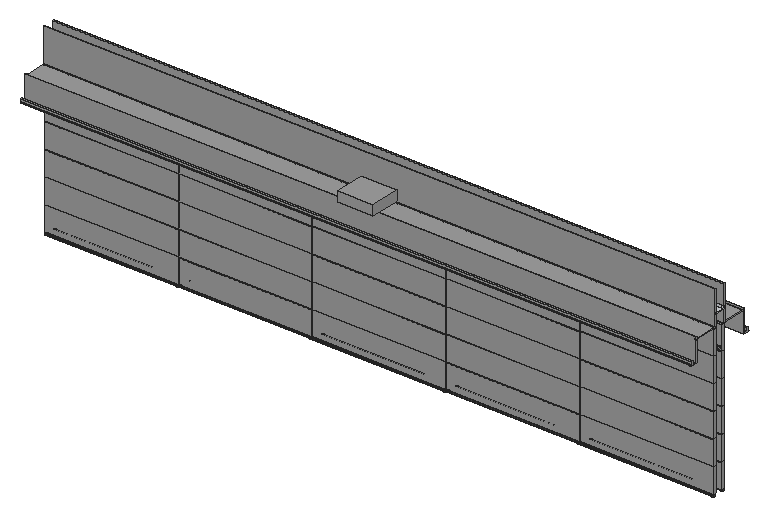
Revit family (continued)
Definition of nested family "2D Unfold Panels"
  Parameters (values of type "Unfold panels")
    Wall thickness = 0' - 11 3/4"
    Distance_Between_Panels = 2' - 0"
    Assembly Code = ""
  Reference planes (in)
    plane 1: z = 0
    plane 2 "Center (Left/Right)": x = -0.10225
    plane 3: y = 92
    plane 4: y = 68
    plane 5: y = 44
    plane 6: y = 20
    plane 7: y = -4
    plane 8: y = -28
    plane 9: y = -52
    plane 10: y = -51.57812
    plane 11: y = 90.875
    plane 12: x = -5.97725
    plane 13: x = 5.77275
  Lines and regions (in)
    detail lines, in view "Ref. Level"
      curve 1: line (-5.97725, 87.75359, 0) -> (-5.97725, 71.81444, 0)
      curve 2: line (-3.72714, 87.75359, 0) -> (-3.72714, 71.81444, 0)
      curve 3: line (-5.97725, -31.03511, 0) -> (-5.97725, -47.75359, 0)
      curve 4: line (-3.72714, -31.03511, 0) -> (-3.72714, -47.75359, 0)
      curve 5: line (-5.97725, 64.99919, 0) -> (-5.97725, 48.08246, 0)
      curve 6: line (-3.72714, 64.99919, 0) -> (-3.72714, 48.08246, 0)
      curve 7: line (-5.97725, 41.26216, 0) -> (-5.97725, 24.20598, 0)
      curve 8: line (-3.72714, 41.26216, 0) -> (-3.72714, 24.20598, 0)
      curve 9: line (-5.97725, 16.99919, 0) -> (-5.97725, 0.08246, 0)
      curve 10: line (-3.72714, 16.99919, 0) -> (-3.72714, 0.08246, 0)
      curve 11: line (-5.97725, -6.73784, 0) -> (-5.97725, -23.79402, 0)
      curve 12: line (-3.72714, -6.73784, 0) -> (-3.72714, -23.79402, 0)
      curve 13: line (5.77275, 87.75359, 0) -> (5.77275, 71.81444, 0)
      curve 14: line (3.52264, 87.75359, 0) -> (3.52264, 71.81444, 0)
      curve 15: line (5.77275, 64.99919, 0) -> (5.77275, 48.08246, 0)
      curve 16: line (3.52264, 64.99919, 0) -> (3.52264, 48.08246, 0)
      curve 17: line (5.77275, 41.26216, 0) -> (5.77275, 24.20598, 0)
      curve 18: line (3.52264, 41.26216, 0) -> (3.52264, 24.20598, 0)
      curve 19: line (5.77275, 16.99919, 0) -> (5.77275, 0.08246, 0)
      curve 20: line (3.52264, 16.99919, 0) -> (3.52264, 0.08246, 0)
      curve 21: line (5.77275, -6.73784, 0) -> (5.77275, -23.79402, 0)
      curve 22: line (3.52264, -6.73784, 0) -> (3.52264, -23.79402, 0)
      curve 23: line (5.77275, -31.03511, 0) -> (5.77275, -47.75359, 0)
      curve 24: line (3.52264, -31.03511, 0) -> (3.52264, -47.75359, 0)
  Dimensions and locks (in)
    "Distance_Between_Panels": plane 4 to plane 3
    locked: plane 10 to plane 9 at 0.42188
    equal spacing: plane 9, plane 8, plane 7, plane 6, plane 5, plane 4, plane 3
    locked: plane 3 to plane 11 at 1.125
    equal spacing: plane 12, plane 2 "Center (Left/Right)", plane 13
    "Wall thickness": plane 12 to plane 13
    aligned and locked: plane 2 "Center (Left/Right)" to nested 1
    aligned and locked: plane 2 "Center (Left/Right)" to nested 2
    aligned and locked: plane 2 "Center (Left/Right)" to nested 3
    aligned and locked: plane 2 "Center (Left/Right)" to nested 4
    aligned and locked: plane 2 "Center (Left/Right)" to nested 5
    aligned: plane 3 to nested 5
    aligned: plane 5 to nested 4
    aligned: plane 6 to nested 3
    aligned: plane 9 to nested 2
    aligned: nested 2 to plane 9
    aligned: plane 8 to nested 6
    aligned: plane 7 to nested 7
    aligned: nested 3 to plane 6
    aligned: nested 4 to plane 5
    aligned: plane 9 to nested 1
    aligned and locked: nested 2 to plane 8
    aligned and locked: nested 6 to plane 7
    aligned and locked: nested 7 to plane 6
    aligned and locked: nested 3 to plane 5
    aligned and locked: nested 4 to plane 4
    aligned and locked: nested 1 to plane 10
    aligned and locked: nested 5 to plane 11
    aligned and locked: curve 1 to plane 12
    aligned and locked: nested 5 to curve 2
    aligned and locked: plane 2 "Center (Left/Right)" to nested 7
    aligned and locked: plane 2 "Center (Left/Right)" to nested 6
  Automatic sketch dimensions
    curve 11 to plane 12 = 0' - 0"
    curve 3 to plane 12 = 0' - 0"
    curve 9 to plane 12 = 0' - 0"
    curve 5 to plane 12 = 0' - 0"
    curve 7 to plane 12 = 0' - 0"
    curve 19 to plane 13 = 0' - 0"
    curve 17 to plane 13 = 0' - 0"
    curve 21 to plane 13 = 0' - 0"
    curve 15 to plane 13 = 0' - 0"
    curve 23 to plane 13 = 0' - 0"
    curve 13 to plane 13 = 0' - 0"
    curve 5 to curve 6 = 0' - 2.25011"
    plane 12 to curve 8 = 0' - 2.25011"
    curve 3 to curve 4 = 0' - 2.25011"
    plane 12 to curve 10 = 0' - 2.25011"
    plane 12 to curve 12 = 0' - 2.25011"
    curve 24 to plane 13 = 0' - 2.25011"
    curve 14 to curve 13 = 0' - 2.25011"
    curve 22 to plane 13 = 0' - 2.25011"
    curve 16 to curve 15 = 0' - 2.25011"
    curve 20 to curve 19 = 0' - 2.25011"
    curve 18 to curve 17 = 0' - 2.25011"
    plane 10 to curve 23 = 0' - 3.82454"
    plane 10 to curve 4 = 0' - 3.82454"
    curve 3 to curve 4 = 0' - 0"  (x2)
    curve 24 to curve 23 = 0' - 0"  (x2)
    plane 8 to curve 3 = 0' - 3.03511"
    plane 8 to curve 24 = 0' - 3.03511"
    curve 11 to plane 8 = 0' - 4.20598"
    curve 21 to plane 8 = 0' - 4.20598"
    curve 22 to curve 21 = 0' - 0"  (x2)
    curve 11 to curve 12 = 0' - 0"  (x2)
    plane 7 to curve 12 = 0' - 2.73784"
    plane 7 to curve 22 = 0' - 2.73784"
    curve 9 to plane 7 = 0' - 4.08246"
    curve 19 to plane 7 = 0' - 4.08246"
    curve 9 to curve 10 = 0' - 0"  (x2)
    curve 20 to curve 19 = 0' - 0"  (x2)
    plane 6 to curve 20 = 0' - 3.00081"
    plane 6 to curve 10 = 0' - 3.00081"
    curve 7 to plane 6 = 0' - 4.20598"
    curve 7 to curve 8 = 0' - 0"  (x2)
    curve 17 to plane 6 = 0' - 4.20598"
    curve 18 to curve 17 = 0' - 0"  (x2)
    plane 5 to curve 17 = 0' - 2.73784"
    plane 5 to curve 8 = 0' - 2.73784"
    curve 5 to plane 5 = 0' - 4.08246"
    curve 5 to curve 6 = 0' - 0"  (x2)
    curve 16 to plane 5 = 0' - 4.08246"
    curve 16 to curve 15 = 0' - 0"  (x2)
    plane 4 to curve 5 = 0' - 3.00081"
    plane 4 to curve 15 = 0' - 3.00081"
    curve 13 to plane 4 = 0' - 3.81444"
    curve 1 to plane 4 = 0' - 3.81444"
    curve 1 to curve 2 = 0' - 0"  (x2)
    curve 14 to curve 13 = 0' - 0"  (x2)
    curve 2 to plane 11 = 0' - 3.12141"
    curve 13 to plane 11 = 0' - 3.12141"
  Nested families (in)
    nested 1: "vert fin bas" at (-0.50227, -47.3033, 0), type "vert fin bas", in view "Ref. Level"
    nested 2: "vert biseau" at (-0.14948, -31.00081, 0), type "vert biseau", in view "Ref. Level"
    nested 3: "vert levres" at (-0.20153, 41.32838, 0), type "vert levres", in view "Ref. Level"
    nested 4: "vert biseau" at (-0.14948, 64.99919, 0), type "vert biseau", in view "Ref. Level"
    nested 5: "vert fin haut" at (0.33476, 86.63143, 0), type "vert fin haut", in view "Ref. Level"
    nested 6: "vert levres" at (-0.20153, -6.67162, 0), type "vert levres", in view "Ref. Level"
    nested 7: "vert biseau" at (-0.14948, 16.99919, 0), type "vert biseau", in view "Ref. Level"
  Definition of nested family "vert fin bas"
    Parameters (values of type "vert fin bas")
      Wall thickness = 0' - 11 3/4"
      Assembly Code = ""
    Reference planes (in)
      plane 1 "Center (Front/Back)": y = 0
      plane 2: z = 0
      plane 3 "Center (Left/Right)": x = 0.40002
      plane 4: x = -5.47498
      plane 5: x = 6.27502
    Lines and regions (in)
      model lines, style "DetailComponents", in view "Ref. Level"
        curve 1: arc (-5.46512, -5.84526, 0) -> (-5.03544, -6.27494, 0) -> (-4.60575, -5.84526, 0) r 0.42968
        curve 2: line (-5.47498, 0.00284, 0) -> (-5.47498, -4.27482, 0)
        curve 3: line (-5.47498, -4.27482, 0) -> (-5.22497, -4.27482, 0)
        curve 4: line (-5.22497, -4.27482, 0) -> (-5.46512, -5.84526, 0)
        curve 5: line (-4.60575, -5.84526, 0) -> (-4.85481, -4.24357, 0)
        curve 6: line (-4.85481, -4.24357, 0) -> (-4.24567, -4.24357, 0)
        curve 7: line (-4.24567, -4.24357, 0) -> (-3.22487, -3.22277, 0)
        curve 8: line (-3.22487, -3.22277, 0) -> (-3.22487, 0.00284, 0)
        curve 9: arc (0.90004, -6.01609, 0) -> (1.25205, -5.87118, 0) -> (1.40004, -5.52045, 0) r 0.50003
        curve 10: arc (1.40004, -5.52045, 0) -> (1.38599, -5.43168, 0) -> (1.33756, -5.35598, 0) r 0.21963
        curve 11: arc (-0.53754, -5.35598, 0) -> (-0.58597, -5.43168, 0) -> (-0.60002, -5.52045, 0) r 0.21963
        curve 12: arc (-0.60002, -5.52045, 0) -> (-0.45203, -5.87118, 0) -> (-0.10001, -6.01609, 0) r 0.50003
        curve 13: arc (0.15, -4.98096, 0) -> (0.23839, -4.94435, 0) -> (0.275, -4.85595, 0) r 0.12501
        curve 14: arc (0.52502, -4.85595, 0) -> (0.56163, -4.94435, 0) -> (0.65002, -4.98096, 0) r 0.12501
        curve 15: arc (-0.60004, -4.85595, 0) -> (-0.68843, -4.89257, 0) -> (-0.72505, -4.98096, 0) r 0.12501
        curve 16: arc (-0.72505, -5.51606, 0) -> (-0.54198, -5.95803, 0) -> (-0.10001, -6.14109, 0) r 0.62503
        curve 17: arc (0.90004, -6.14109, 0) -> (1.342, -5.95803, 0) -> (1.52507, -5.51606, 0) r 0.62503
        curve 18: arc (1.52507, -4.98096, 0) -> (1.48845, -4.89257, 0) -> (1.40006, -4.85595, 0) r 0.12501
        curve 19: line (-0.10001, -6.01609, 0) -> (0.90004, -6.01609, 0)
        curve 20: line (1.33756, -5.35598, 0) -> (-0.53754, -5.35598, 0)
        curve 21: line (0.65002, -4.98096, 0) -> (1.40006, -4.98096, 0)
        curve 22: line (1.40006, -4.98096, 0) -> (1.40006, -5.23097, 0)
        curve 23: line (1.40006, -5.23097, 0) -> (-0.60004, -5.23097, 0)
        curve 24: line (-0.60004, -5.23097, 0) -> (-0.60004, -4.98096, 0)
        curve 25: line (-0.60004, -4.98096, 0) -> (0.15, -4.98096, 0)
        curve 26: line (0.275, -4.85595, 0) -> (0.275, -3.23087, 0)
        curve 27: line (0.275, -3.23087, 0) -> (0.52502, -3.23087, 0)
        curve 28: line (0.52502, -3.23087, 0) -> (0.52502, -4.85595, 0)
        curve 29: line (-0.35003, -4.98096, 0) -> (-0.35003, -4.85595, 0)
        curve 30: line (-0.35003, -4.85595, 0) -> (-0.60004, -4.85595, 0)
        curve 31: line (-0.72505, -4.98096, 0) -> (-0.72505, -5.51606, 0)
        curve 32: line (-0.10001, -6.14109, 0) -> (0.90004, -6.14109, 0)
        curve 33: line (1.52507, -5.51606, 0) -> (1.52507, -4.98096, 0)
        curve 34: line (1.40006, -4.85595, 0) -> (1.15005, -4.85595, 0)
        curve 35: line (1.15005, -4.85595, 0) -> (1.15005, -4.98096, 0)
      detail lines, style "DetailComponents", in view "Ref. Level"
        curve 36: arc (6.26516, -5.84526, 0) -> (5.83548, -6.27494, 0) -> (5.4058, -5.84526, 0) r 0.42968
        curve 37: line (6.27502, 0.00284, 0) -> (6.27502, -4.27482, 0)
        curve 38: line (6.27502, -4.27482, 0) -> (6.02501, -4.27482, 0)
        curve 39: line (6.02501, -4.27482, 0) -> (6.26516, -5.84526, 0)
        curve 40: line (5.4058, -5.84526, 0) -> (5.65485, -4.24357, 0)
        curve 41: line (5.65485, -4.24357, 0) -> (5.04571, -4.24357, 0)
        curve 42: line (5.04571, -4.24357, 0) -> (4.02491, -3.22277, 0)
        curve 43: line (4.02491, -3.22277, 0) -> (4.02491, 0.00284, 0)
    Dimensions and locks (in)
      equal spacing: plane 4, plane 3 "Center (Left/Right)", plane 5
      "Wall thickness": plane 4 to plane 5
    Automatic sketch dimensions
      curve 9 to curve 17 = 0' - 0"  (x2)
      curve 12 to curve 16 = 0' - 0"  (x2)
      curve 2 to plane 4 = 0' - 0"
      curve 37 to plane 5 = 0' - 0"
      plane 4 to curve 4 = 0' - 0.00986"
      curve 2 to curve 4 = 0' - 0 1/4"
      curve 1 to curve 1 = 0' - 0 55/128"
      curve 3 to curve 5 = 0' - 0.37016"
      curve 5 to curve 6 = 0' - 0.60914"
      curve 6 to curve 8 = 0' - 1.0208"
      curve 31 to plane 3 "Center (Left/Right)" = 0' - 1.12507"
      curve 15 to curve 24 = 0' - 0 1/8"
      curve 15 to curve 24 = 0' - 0"  (x2)
      curve 31 to curve 11 = 0' - 0.12503"
      curve 23 to curve 20 = 0' - 0 1/16"
      curve 12 to curve 11 = 0' - 0.21937"
      curve 24 to curve 29 = 0' - 0 1/4"
      curve 12 to plane 3 "Center (Left/Right)" = 0' - 0.50004"
      curve 13 to plane 3 "Center (Left/Right)" = 0' - 0.25002"
      curve 26 to plane 3 "Center (Left/Right)" = 0' - 0 1/8"
      plane 3 "Center (Left/Right)" to curve 28 = 0' - 0 1/8"
      curve 14 to curve 21 = 0' - 0 1/8"
      plane 3 "Center (Left/Right)" to curve 32 = 0' - 0 1/2"
      curve 14 to curve 34 = 0' - 0.50002"
      curve 9 to curve 10 = 0' - 0.28063"
      curve 10 to curve 20 = 0' - 0.15689"
      curve 10 to curve 10 = 0' - 0 1/16"
      curve 35 to curve 21 = 0' - 0 1/4"
      curve 18 to curve 21 = 0' - 0"
      curve 9 to curve 17 = 0' - 0.12503"
      curve 43 to plane 5 = 0' - 2.25011"
      curve 42 to plane 5 = 0' - 1.22931"
      curve 40 to plane 5 = 0' - 0.86922"
      curve 41 to curve 40 = 0' - 0.60914"
      curve 36 to curve 36 = 0' - 0 55/128"
      curve 38 to plane 5 = 0' - 0 1/4"
      plane 1 "Center (Front/Back)" to curve 32 = 0' - 6.14109"
      curve 32 to curve 19 = 0' - 0 1/8"
      curve 36 to curve 17 = 0' - 0.3292"
      curve 5 to curve 16 = 0' - 0.3292"
      curve 12 to curve 11 = 0' - 0.01076"
      curve 20 to curve 23 = 0' - 0 1/8"
      curve 22 to curve 33 = 0' - 0 1/4"
      curve 12 to curve 25 = 0' - 0.5351"
      curve 14 to curve 13 = 0' - 0 1/8"
      curve 1 to curve 3 = 0' - 1.57044"
      curve 36 to curve 39 = 0' - 1.57044"
      curve 38 to curve 42 = 0' - 0 1/32"
      curve 3 to curve 7 = 0' - 0 1/32"
      curve 13 to curve 26 = 0' - 1.62508"
      curve 41 to curve 42 = 0' - 1.0208"
      curve 6 to curve 7 = 0' - 1.0208"
      curve 8 to plane 1 "Center (Front/Back)" = 0' - 0.00284"
      curve 37 to plane 1 "Center (Front/Back)" = 0' - 0.00284"
      curve 2 to plane 1 "Center (Front/Back)" = 0' - 0.00284"
      curve 43 to plane 1 "Center (Front/Back)" = 0' - 0.00284"
  Definition of nested family "vert biseau"
    Parameters (values of type "vert biseau")
      Wall thickness = 0' - 11 3/4"
      Assembly Code = ""
    Reference planes (in)
      plane 1 "Center (Front/Back)": y = 0
      plane 2: z = 0
      plane 3 "Center (Left/Right)": x = 0.04723
      plane 4: x = -5.82777
      plane 5: x = 5.92223
    Lines and regions (in)
      model lines, style "DetailComponents", in view "Ref. Level"
        curve 1: line (-3.57766, -0.0343, 0) -> (-3.57766, 2.19877, 0)
        curve 2: line (-3.57766, 2.19877, 0) -> (-4.3797, 3.00081, 0)
        curve 3: line (-4.3797, 3.00081, 0) -> (-5.82777, 3.00081, 0)
        curve 4: line (-5.82777, 3.00081, 0) -> (-5.82777, -0.0343, 0)
        curve 5: line (-5.82777, 7.20679, 0) -> (-5.82777, 3.50083, 0)
        curve 6: line (-5.82777, 3.50083, 0) -> (-4.3797, 3.50083, 0)
        curve 7: line (-4.3797, 3.50083, 0) -> (-3.57766, 4.30287, 0)
        curve 8: line (-3.57766, 4.30287, 0) -> (-3.57766, 7.20679, 0)
      detail lines, style "DetailComponents", in view "Ref. Level"
        curve 9: line (3.67212, -0.0343, 0) -> (3.67212, 2.19877, 0)
        curve 10: line (3.67212, 2.19877, 0) -> (4.47416, 3.00081, 0)
        curve 11: line (4.47416, 3.00081, 0) -> (5.92223, 3.00081, 0)
        curve 12: line (5.92223, 3.00081, 0) -> (5.92223, -0.0343, 0)
        curve 13: line (5.92223, 7.20679, 0) -> (5.92223, 3.50083, 0)
        curve 14: line (5.92223, 3.50083, 0) -> (4.47416, 3.50083, 0)
        curve 15: line (4.47416, 3.50083, 0) -> (3.67212, 4.30287, 0)
        curve 16: line (3.67212, 4.30287, 0) -> (3.67212, 7.20679, 0)
    Dimensions and locks (in)
      "Wall thickness": plane 4 to plane 5
      equal spacing: plane 4, plane 3 "Center (Left/Right)", plane 5
    Automatic sketch dimensions
      curve 5 to plane 4 = 0' - 0"
      curve 4 to plane 4 = 0' - 0"
      curve 13 to plane 5 = 0' - 0"
      curve 12 to plane 5 = 0' - 0"
      curve 3 to curve 2 = 0' - 1.44807"
      curve 7 to curve 2 = 0' - 0"
      curve 2 to curve 1 = 0' - 0.80204"
      curve 6 to curve 7 = 0' - 0.80204"  (x2)
      plane 1 "Center (Front/Back)" to curve 9 = 0' - 0.0343"
      curve 9 to curve 12 = 0' - 2.25011"
      curve 16 to curve 9 = 0' - 0"
      curve 9 to curve 11 = 0' - 0.80204"
      curve 15 to curve 10 = 0' - 0"
      plane 1 "Center (Front/Back)" to curve 12 = 0' - 0.0343"
      plane 1 "Center (Front/Back)" to curve 1 = 0' - 0.0343"
      plane 1 "Center (Front/Back)" to curve 4 = 0' - 0.0343"
      curve 10 to plane 1 "Center (Front/Back)" = 0' - 2.19877"
      curve 2 to plane 1 "Center (Front/Back)" = 0' - 2.19877"
      curve 9 to curve 12 = 0' - 0.80204"
      curve 1 to curve 4 = 0' - 0.80204"
      curve 3 to curve 5 = 0' - 0.50003"
      curve 11 to curve 14 = 0' - 0.50003"
      curve 14 to curve 16 = 0' - 0.80204"
      curve 7 to curve 5 = 0' - 2.90391"
      curve 15 to curve 13 = 0' - 2.90391"
      curve 5 to curve 8 = 0' - 0"
      curve 16 to curve 13 = 0' - 0"
  Definition of nested family "vert levres"
    Parameters (values of type "vert levres")
      Wall thickness = 0' - 11 3/4"
      Assembly Code = ""
    Reference planes (in)
      plane 1 "Center (Front/Back)": y = 0
      plane 2: z = 0
      plane 3 "Center (Left/Right)": x = 0.09928
      plane 4: x = -5.77572
      plane 5: x = 5.97428
    Lines and regions (in)
      model lines, style "DetailComponents", in view "Ref. Level"
        curve 1: line (-5.52571, 3.18965, 0) -> (-5.52571, 2.67162, 0)
        curve 2: line (-5.52571, 2.67162, 0) -> (-5.52571, 3.18965, 0)
        curve 3: line (-5.52571, 3.18965, 0) -> (-5.77572, 3.18965, 0)
        curve 4: line (-5.77572, 3.18965, 0) -> (-5.77572, -0.10051, 0)
        curve 5: line (-5.77572, 6.75409, 0) -> (-5.77572, 3.68967, 0)
        curve 6: line (-5.77572, 3.68967, 0) -> (-3.52561, 3.68967, 0)
        curve 7: line (-3.52561, 3.68967, 0) -> (-3.52561, 6.75409, 0)
        curve 8: line (-3.52561, -0.10051, 0) -> (-3.52561, 2.67162, 0)
        curve 9: line (-3.52561, 2.67162, 0) -> (-5.52571, 2.67162, 0)
      detail lines, style "DetailComponents", in view "Ref. Level"
        curve 10: line (5.72427, 3.18965, 0) -> (5.72427, 2.67162, 0)
        curve 11: line (5.72427, 2.67162, 0) -> (5.72427, 3.18965, 0)
        curve 12: line (5.72427, 3.18965, 0) -> (5.97428, 3.18965, 0)
        curve 13: line (5.97428, 3.18965, 0) -> (5.97428, -0.10051, 0)
        curve 14: line (5.97428, 6.75409, 0) -> (5.97428, 3.68967, 0)
        curve 15: line (5.97428, 3.68967, 0) -> (3.72417, 3.68967, 0)
        curve 16: line (3.72417, 3.68967, 0) -> (3.72417, 6.75409, 0)
        curve 17: line (3.72417, -0.10051, 0) -> (3.72417, 2.67162, 0)
        curve 18: line (3.72417, 2.67162, 0) -> (5.72427, 2.67162, 0)
    Dimensions and locks (in)
      equal spacing: plane 4, plane 3 "Center (Left/Right)", plane 5
      "Wall thickness": plane 4 to plane 5
    Automatic sketch dimensions
      curve 5 to plane 4 = 0' - 0"
      curve 4 to plane 4 = 0' - 0"
      curve 14 to plane 5 = 0' - 0"
      curve 13 to plane 5 = 0' - 0"
      plane 4 to curve 2 = 0' - 0 1/4"
      plane 4 to curve 7 = 0' - 2.25011"
      plane 1 "Center (Front/Back)" to curve 8 = 0' - 0.10051"
      curve 4 to curve 8 = 0' - 2.25011"
      curve 18 to plane 5 = 0' - 2.25011"
      curve 16 to curve 17 = 0' - 0"
      curve 11 to curve 12 = 0' - 0 1/4"
      plane 1 "Center (Front/Back)" to curve 4 = 0' - 0.10051"
      plane 1 "Center (Front/Back)" to curve 13 = 0' - 0.10051"
      plane 1 "Center (Front/Back)" to curve 17 = 0' - 0.10051"
      curve 9 to plane 1 "Center (Front/Back)" = 0' - 2.67162"
      curve 10 to plane 1 "Center (Front/Back)" = 0' - 2.67162"
      curve 1 to curve 4 = 0' - 0.51803"
      curve 10 to curve 10 = 0' - 0.51803"
      curve 8 to curve 7 = 0' - 1.01805"
      curve 12 to curve 14 = 0' - 0.50002"
      curve 14 to curve 14 = 0' - 3.06441"
      curve 5 to curve 5 = 0' - 3.06441"
      curve 5 to curve 7 = 0' - 0"
      curve 16 to curve 14 = 0' - 0"
  Definition of nested family "vert fin haut"
    Parameters (values of type "vert fin haut")
      Wall thickness = 0' - 11 3/4"
      Assembly Code = ""
    Reference planes (in)
      plane 1 "Center (Front/Back)": y = 0
      plane 2: z = 0
      plane 3 "Center (Left/Right)": x = -0.43701
      plane 4: x = -6.31201
      plane 5: x = 5.43799
    Lines and regions (in)
      detail lines, style "DetailComponents", in view "Ref. Level"
        curve 1: arc (-6.30215, 5.84526, 0) -> (-5.87246, 6.27494, 0) -> (-5.44278, 5.84526, 0) r 0.42968
        curve 2: line (-6.31201, -0.00284, 0) -> (-6.31201, 4.27482, 0)
        curve 3: line (-6.31201, 4.27482, 0) -> (-6.06199, 4.27482, 0)
        curve 4: line (-6.06199, 4.27482, 0) -> (-6.30215, 5.84526, 0)
        curve 5: line (-5.44278, 5.84526, 0) -> (-5.69183, 4.24357, 0)
        curve 6: line (-5.69183, 4.24357, 0) -> (-5.0827, 4.24357, 0)
        curve 7: line (-5.0827, 4.24357, 0) -> (-4.06189, 3.22277, 0)
        curve 8: line (-4.06189, 3.22277, 0) -> (-4.06189, -0.00284, 0)
        curve 9: arc (5.42813, 5.84526, 0) -> (4.99845, 6.27494, 0) -> (4.56877, 5.84526, 0) r 0.42968
        curve 10: line (5.43799, -0.00284, 0) -> (5.43799, 4.27482, 0)
        curve 11: line (5.43799, 4.27482, 0) -> (5.18798, 4.27482, 0)
        curve 12: line (5.18798, 4.27482, 0) -> (5.42813, 5.84526, 0)
        curve 13: line (4.56877, 5.84526, 0) -> (4.81782, 4.24357, 0)
        curve 14: line (4.81782, 4.24357, 0) -> (4.20868, 4.24357, 0)
        curve 15: line (4.20868, 4.24357, 0) -> (3.18788, 3.22277, 0)
        curve 16: line (3.18788, 3.22277, 0) -> (3.18788, -0.00284, 0)
    Dimensions and locks (in)
      equal spacing: plane 4, plane 3 "Center (Left/Right)", plane 5
      "Wall thickness": plane 4 to plane 5
    Automatic sketch dimensions
      curve 2 to plane 4 = 0' - 0"
      curve 10 to plane 5 = 0' - 0"
      plane 4 to curve 1 = 0' - 0.00986"
      plane 4 to curve 3 = 0' - 0 1/4"
      curve 1 to curve 1 = 0' - 0 55/128"
      curve 3 to curve 5 = 0' - 0.37016"
      curve 5 to curve 6 = 0' - 0.60914"
      curve 6 to curve 8 = 0' - 1.0208"
      plane 1 "Center (Front/Back)" to curve 16 = 0' - 0.00284"
      curve 16 to curve 10 = 0' - 2.25011"
      curve 15 to plane 5 = 0' - 1.22931"
      curve 9 to plane 5 = 0' - 0.86922"
      curve 14 to curve 14 = 0' - 0.60914"
      curve 9 to curve 9 = 0' - 0 55/128"
      curve 12 to curve 10 = 0' - 0 1/4"
      plane 1 "Center (Front/Back)" to curve 10 = 0' - 0.00284"
      plane 1 "Center (Front/Back)" to curve 8 = 0' - 0.00284"
      plane 1 "Center (Front/Back)" to curve 2 = 0' - 0.00284"
      curve 16 to plane 1 "Center (Front/Back)" = 0' - 3.22277"
      curve 7 to plane 1 "Center (Front/Back)" = 0' - 3.22277"
      curve 15 to curve 14 = 0' - 1.0208"
      curve 7 to curve 5 = 0' - 1.0208"
      curve 5 to curve 3 = 0' - 0 1/32"
      curve 13 to curve 12 = 0' - 0 1/32"
      curve 2 to curve 1 = 0' - 1.57044"
      curve 10 to curve 12 = 0' - 1.57044"
Definition of nested family "Suspended Ceiling Component"
  Parameters (values of type "Suspended Ceiling Component")
    Assembly Code = ""
  Reference planes (in)
    plane 1 "Centre (avant/arrière)": y = 0
    plane 2: z = 0
    plane 3 "Centre (gauche/droite)": x = 0
Definition of nested family "Disclaimer Component"
  Parameters (values of type "Disclaimer Component")
    Assembly Code = ""
  Reference planes (in)
    plane 1 "Centre (avant/arrière)": y = 0
    plane 2: z = 0
    plane 3 "Centre (gauche/droite)": x = 0
Definition of nested family "construction as per ASTM E557 Component"
  Parameters (values of type "construction as per ASTM E557 Component")
    Assembly Code = ""
  Reference planes (in)
    plane 1 "Centre (avant/arrière)": y = 0
    plane 2: z = 0
    plane 3 "Centre (gauche/droite)": x = 0
Types (5): name | Total Panel Height | Panel Array | Manufacturer | Description | Total Wall Length | Pocket Width"E" | Pocket Depth"D" | Panel Length | Panel Height"F" | Center Pantographs | Number Of Panels | Motor Positionning | Height Between Panels | Distance Between Panels | Finished Ceiling"A" | Top Of Acoustic Barrier | Beam Height"B" | Acoustic Barrier"C"
  10'- 1" | 11' - 6 1/4" | 4 | "Skyfold" | "Custom Powerlift Partitions" | 43' - 0" | 4' - 7" | 1' - 8 1/4" | 10' - 8 1/8" | 1' - 10 5/8" | 3 | 4 | 16' - 1 15/16" | 1' - 11 1/8" | 10' - 8 5/8" | 10' - 1" | 15' - 0" | 12' - 9" | 11' - 9 1/4"
  11' - 0" | 12' - 5 1/2" | 3 | "Skyfold" | "Custom Powerlift Partitions" | 32' - 0" | 4' - 10 3/4" | 1' - 8 1/2" | 10' - 7" | 2' - 0 1/2" | 2 | 3 | 16' - 0" | 2' - 1" | 10' - 7 1/2" | 11' - 0" | 16' - 0" | 13' - 8 1/4" | 12' - 8 1/2"
  10' - 6" | 11' - 11 1/2" | 5 | "Skyfold" | "Custom Powerlift Partitions" | 54' - 0" | 4' - 8 3/4" | 1' - 8 1/2" | 10' - 8.8" | 1' - 11 1/2" | 4 | 5 | 27' - 0" | 2' - 0" | 10' - 9.3" | 10' - 6" | 15' - 0" | 13' - 2 1/4" | 12' - 2 1/2"
  11' - 6" | 12' - 11 1/2" | 3 | "Skyfold" | "Custom Powerlift Partitions\r\nCustom Powerlift Partitions" | 34' - 0" | 5' - 0 3/4" | 1' - 8 1/2" | 11' - 3" | 2' - 1 1/2" | 2 | 3 | 17' - 0" | 2' - 2" | 11' - 3 1/2" | 11' - 6" | 15' - 0" | 14' - 2 1/4" | 13' - 2 1/2"
  12' - 0" | 13' - 5 1/2" | 3 | "Skyfold\r\nSkyfold" | "Custom Powerlift Partitions" | 35' - 0" | 5' - 2 3/4" | 1' - 8 1/2" | 11' - 7" | 2' - 2 1/2" | 2 | 3 | 17' - 6" | 2' - 3" | 11' - 7 1/2" | 12' - 0" | 16' - 0" | 14' - 8 1/4" | 13' - 8 1/2"
